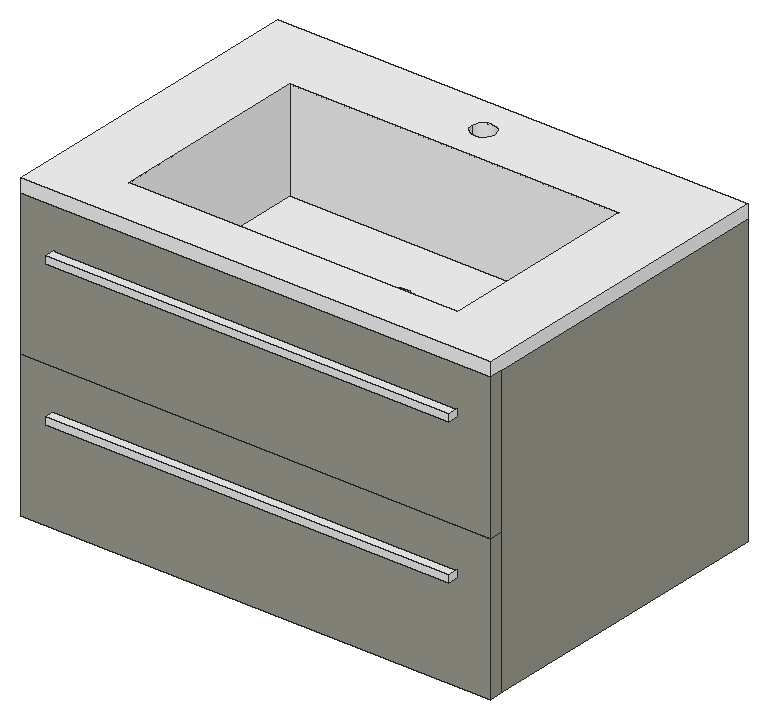
Revit family "MUEBLE SENSE 700 BRUSHED GREY", category Generic Models, Revit 2019
Family settings
  Can host rebar = No
  Round Connector Dimension = Use Diameter
  Part Type = Normal
  Work Plane-Based = No
  Always vertical = Yes
  Cut with Voids When Loaded = No
  Shared = No
  Room Calculation Point = No
Parameters (values of type "ORANS Mueble Orlando Fume (MFC 034) 060,5cm ancho")
  URL = ""
  Profundidad receptáculo = 150 mm
  Prof lavamanos = 300 mm
  Prof borde cub trasero = 110 mm
  Model = ""
  Material tirador = Acero semi pulido
  Material frentes = BLANCO
  Material cubierta = Loza blanco brillo
  Material costados = BLANCO
  Manufacturer = ""
  Largo = 800 mm
  Largo receptáculo = if(Largo = 605 mm, 426 mm, 460 mm)  # 460 mm
  Description = ""
  Ancho tirador = 600 mm
  Ancho borde cub = 155 mm
  Ancho = 480 mm
  Amcho borde cub [instance] = 70 mm
  Alto [instance] = 450 mm
  ANCHO BORDE CUB [instance] = 70 mm
Types (12, lengths in mm): name | Prof lavamanos | Prof borde cub trasero | Material frentes | Material costados | Largo | Largo receptáculo | Ancho tirador | Ancho borde cub | Ancho | Alto
  ORANS Mueble Orlando Fume (MFC 034) 060,5cm ancho | 300 | 110 | BLANCO | BLANCO | 800 | 460 | 600 | 155 | 480 | 450
  ORANS Mueble Orlando Fume (MFC 034) 070,5cm ancho | 275 | 115 | Fume (MFC 034) horizontal | Fume (MFC 034) vertical | 705 | 460 | 250 | 70 | 465 | 570
  ORANS Mueble Orlando Fume (MFC 034) 080,5cm ancho | 275 | 115 | Fume (MFC 034) horizontal | Fume (MFC 034) vertical | 805 | 460 | 250 | 70 | 465 | 570
  ORANS Mueble Orlando Fume (MFC 034) 100,5cm ancho | 275 | 115 | Fume (MFC 034) horizontal | Fume (MFC 034) vertical | 1050 | 460 | 250 | 70 | 465 | 570
  ORANS Mueble Orlando Haya Light (MFC 030) 060,5cm ancho | 275 | 115 | Haya Light (MFC 030) horizontal | Haya Light (MFC 030) vertical | 605 | 426 | 250 | 70 | 465 | 570
  ORANS Mueble Orlando Haya Light (MFC 030) 070,5cm ancho | 275 | 115 | Haya Light (MFC 030) horizontal | Haya Light (MFC 030) vertical | 705 | 460 | 250 | 70 | 465 | 570
  ORANS Mueble Orlando Haya Light (MFC 030) 080,5cm ancho | 275 | 115 | Haya Light (MFC 030) horizontal | Haya Light (MFC 030) vertical | 805 | 460 | 250 | 70 | 465 | 570
  ORANS Mueble Orlando Haya Light (MFC 030) 100,5cm ancho | 275 | 115 | Haya Light (MFC 030) horizontal | Haya Light (MFC 030) vertical | 1050 | 460 | 250 | 70 | 465 | 570
  ORANS Mueble Orlando Oak 1 (MFC 005) 060,5cm ancho | 275 | 115 | Oak1 (MFC 005) horizontal | Oak1 (MFC 005) vertical | 605 | 426 | 250 | 70 | 465 | 570
  ORANS Mueble Orlando Oak 1 (MFC 005) 070,5cm ancho | 275 | 115 | Oak1 (MFC 005) horizontal | Oak1 (MFC 005) vertical | 705 | 460 | 250 | 70 | 465 | 570
  ORANS Mueble Orlando Oak 1 (MFC 005) 080,5cm ancho | 275 | 115 | Oak1 (MFC 005) horizontal | Oak1 (MFC 005) vertical | 805 | 460 | 250 | 70 | 465 | 570
  ORANS Mueble Orlando Oak 1 (MFC 005) 100,5cm ancho | 275 | 115 | Oak1 (MFC 005) horizontal | Oak1 (MFC 005) vertical | 1050 | 460 | 250 | 70 | 465 | 570
Reference planes
  plane 1 "Center (Front/Back)": y = 0
  plane 2: z = 0
  plane 3 "Center (Left/Right)": x = 0
  plane 4: z = 430
  plane 5: z = 450
  plane 6: z = 215
Forms (mm)
  Extrusion 1, solid, material "Loza blanco brillo" <- "Material cubierta"
    sketch origin (0, 0, 0) x (1, 0, 0) y (0, 1, 0)
      loop
        line (-350, -480) -> (350, -480) -> (350, 0) -> (-350, 0) -> (-350, -480)
      loop
        line (-245, -110) -> (-245, -410) -> (245, -410) -> (245, -110) -> (-245, -110)
      loop
        circle (0, -55) r 17.5
    from 430 to 450
  Extrusion 2, solid, material "Loza blanco brillo" <- "Material cubierta"
    sketch origin (0, 0, 0) x (1, 0, 0) y (0, 1, 0)
      loop
        line (-255, -100) -> (-255, -420) -> (255, -420) -> (255, -100) -> (-255, -100)
      loop
        circle (0, -220) r 22.5
    from 290 to 430
  Extrusion 3, void
    sketch origin (0, 0, 0) x (1, 0, 0) y (0, 1, 0)
      loop
        line (-245, -110) -> (-245, -410) -> (245, -410) -> (245, -110) -> (-245, -110)
    from 300 to 430
  Extrusion 4, solid, material "BLANCO" <- "Material costados"
    sketch origin (0, 0, 0) x (1, 0, 0) y (0, 1, 0)
      loop
        line (-350, 0) -> (-350, -460) -> (-329.738, -460) -> (-329.738, 0) -> (-350, 0)
    from 0 to 430
  Extrusion 5, solid, material "BLANCO" <- "Material costados"
    sketch origin (590, 0, 0) x (1, 0, 0) y (0, 1, 0)
      loop
        line (-255, 0) -> (-255, -460) -> (-240, -460) -> (-240, 0) -> (-255, 0)
    from 0 to 430
  Extrusion 6, solid, material "BLANCO" <- "Material frentes"
    sketch origin (0, 0, 0) x (1, 0, 0) y (0, 0, 1)
      loop
        line (-350, 430) -> (-350, 215) -> (350, 215) -> (350, 430) -> (-350, 430)
    from 460 to 480
  Extrusion 7, solid, material "BLANCO" <- "Material frentes"
    sketch origin (0, 0, -200) x (1, 0, 0) y (0, 0, 1)
      loop
        line (-350, 415) -> (-350, 200) -> (350, 200) -> (350, 415) -> (-350, 415)
    from 460 to 480
  Extrusion 8, solid, material "Loza blanco brillo" <- "Material cubierta"
    sketch origin (0, 0, 0) x (1, 0, 0) y (0, 0, 1)
      loop
        line (-329.738, 300) -> (-329.738, 185) -> (335, 185) -> (335, 300) -> (-329.738, 300)
    from 450 to 460
  Extrusion 9, solid, material "Acero semi pulido"
    sketch origin (0, 0, 0) x (1, 0, 0) y (0, 0, 1)
      loop
        line (-300, 370) -> (-300, 360) -> (300, 360) -> (300, 370) -> (-300, 370)
    from 480 to 495.24
  Extrusion 10, solid, material "Acero semi pulido"
    sketch origin (0, 0, -215) x (1, 0, 0) y (0, 0, 1)
      loop
        line (-300, 370) -> (-300, 360) -> (300, 360) -> (300, 370) -> (-300, 370)
    from 480 to 495.24
  Extrusion 11, solid
    sketch origin (0, 0, 0) x (0, 1, 0) y (0, 0, 1)
      loop
        line (0, 430) -> (-20, 430) -> (-20, 20) -> (-460, 20) -> (-460, 0) -> (0, 0) -> (0, 430)
    from -329.738 to 335
Cuts and joins
  Extrusion 3 cuts Extrusion 2
  joined: Extrusion 1, Extrusion 2
Dimensions and locks
  locked: plane 5 to plane 4 at 20
  plane 5 to plane 4 = 20 mm
  "Alto": plane 5 to level
  locked: cut or joined group of Extrusion 1, Extrusion 2, Extrusion 3 to cut or joined group of Extrusion 1, Extrusion 2, Extrusion 3 at 140
  locked: cut or joined group of Extrusion 1, Extrusion 2, Extrusion 3 to cut or joined group of Extrusion 1, Extrusion 2, Extrusion 3 at 130
  equal spacing: plane 4, plane 6, level
  aligned and locked: Extrusion 1 sketch curve to plane 1 "Center (Front/Back)"
  aligned and locked: plane 5 to Extrusion 1
  aligned and locked: Extrusion 1 to plane 4
  aligned and locked: plane 4 to Extrusion 3
  aligned and locked: plane 3 "Center (Left/Right)" to Extrusion 1 sketch curve
  aligned and locked: plane 3 "Center (Left/Right)" to Extrusion 2 sketch curve
  aligned and locked: cut or joined group of Extrusion 1, Extrusion 2, Extrusion 3 to plane 1 "Center (Front/Back)"
  aligned and locked: cut or joined group of Extrusion 1, Extrusion 2, Extrusion 3 to plane 4
  aligned and locked: plane 4 to Extrusion 4
  aligned and locked: Extrusion 4 to plane 1 "Center (Front/Back)"
  aligned and locked: plane 4 to Extrusion 5
  aligned and locked: Extrusion 5 to level
  aligned and locked: Extrusion 5 to plane 4  (x2)
  aligned and locked: level to Extrusion 5  (x2)
  aligned and locked: Extrusion 4 to level
  aligned and locked: Extrusion 4 to plane 4  (x2)
  aligned and locked: plane 5 to cut or joined group of Extrusion 1, Extrusion 2, Extrusion 3
  aligned and locked: cut or joined group of Extrusion 1, Extrusion 2, Extrusion 3 to plane 5  (x2)
  aligned and locked: plane 4 to cut or joined group of Extrusion 1, Extrusion 2, Extrusion 3  (x2)
  aligned and locked: level to Extrusion 4
  aligned and locked: plane 6 to Extrusion 7
  aligned and locked: Extrusion 6 to plane 6
Automatic sketch dimensions
  plane 1 "Center (Front/Back)" to Extrusion 4 sketch curve = 0 mm
  plane 1 "Center (Front/Back)" to Extrusion 5 sketch curve = 0 mm
  Extrusion 6 sketch curve to plane 4 = 0 mm
  Extrusion 6 sketch curve to plane 6 = 0 mm
  Extrusion 7 sketch curve to level = 0 mm
  Extrusion 7 sketch curve to plane 6 = 0 mm
  Extrusion 8 sketch curve to plane 6 = 30 mm
  plane 6 to Extrusion 8 sketch curve = 85 mm
  Extrusion 9 sketch curve to plane 4 = 70 mm
  Extrusion 9 sketch curve to Extrusion 9 sketch curve = 10 mm
  Extrusion 10 sketch curve to plane 6 = 70 mm
  Extrusion 10 sketch curve to Extrusion 10 sketch curve = 10 mm
  Extrusion 1 sketch curve to plane 3 "Center (Left/Right)" = 245 mm
  Extrusion 1 sketch curve to Extrusion 1 sketch curve = 105 mm  (x2)
  plane 3 "Center (Left/Right)" to Extrusion 1 sketch curve = 245 mm
  Extrusion 2 sketch curve to plane 3 "Center (Left/Right)" = 255 mm
  plane 3 "Center (Left/Right)" to Extrusion 2 sketch curve = 255 mm
  Extrusion 3 sketch curve to plane 3 "Center (Left/Right)" = 245 mm
  plane 3 "Center (Left/Right)" to Extrusion 3 sketch curve = 245 mm
  Extrusion 4 sketch curve to plane 3 "Center (Left/Right)" = 350 mm
  Extrusion 4 sketch curve to Extrusion 4 sketch curve = 20.262 mm
  plane 3 "Center (Left/Right)" to Extrusion 5 sketch curve = 335 mm
  Extrusion 5 sketch curve to Extrusion 5 sketch curve = 15 mm
  Extrusion 6 sketch curve to plane 3 "Center (Left/Right)" = 350 mm
  plane 3 "Center (Left/Right)" to Extrusion 6 sketch curve = 350 mm
  Extrusion 7 sketch curve to plane 3 "Center (Left/Right)" = 350 mm
  plane 3 "Center (Left/Right)" to Extrusion 7 sketch curve = 350 mm
  Extrusion 8 sketch curve to plane 3 "Center (Left/Right)" = 329.738 mm
  plane 3 "Center (Left/Right)" to Extrusion 8 sketch curve = 335 mm
  Extrusion 9 sketch curve to plane 3 "Center (Left/Right)" = 300 mm
  plane 3 "Center (Left/Right)" to Extrusion 9 sketch curve = 300 mm
  Extrusion 10 sketch curve to plane 3 "Center (Left/Right)" = 300 mm
  plane 3 "Center (Left/Right)" to Extrusion 10 sketch curve = 300 mm
  plane 1 "Center (Front/Back)" to Extrusion 1 sketch curve = 55 mm
  plane 1 "Center (Front/Back)" to Extrusion 1 sketch curve = 110 mm
  Extrusion 1 sketch curve to Extrusion 1 sketch curve = 300 mm
  Extrusion 1 sketch curve to Extrusion 1 sketch curve = 70 mm
  plane 1 "Center (Front/Back)" to Extrusion 2 sketch curve = 420 mm
  plane 1 "Center (Front/Back)" to Extrusion 2 sketch curve = 220 mm
  plane 1 "Center (Front/Back)" to Extrusion 2 sketch curve = 100 mm
  plane 1 "Center (Front/Back)" to Extrusion 3 sketch curve = 410 mm
  plane 1 "Center (Front/Back)" to Extrusion 3 sketch curve = 110 mm
  plane 1 "Center (Front/Back)" to Extrusion 4 sketch curve = 460 mm
  plane 1 "Center (Front/Back)" to Extrusion 5 sketch curve = 460 mm
  Extrusion 11 sketch curve to level = 0 mm
  Extrusion 11 sketch curve to plane 4 = 0 mm
  Extrusion 11 sketch curve to plane 1 "Center (Front/Back)" = 0 mm
  plane 1 "Center (Front/Back)" to Extrusion 11 sketch curve = 20 mm
  Extrusion 11 sketch curve to Extrusion 11 sketch curve = 440 mm
  level to Extrusion 11 sketch curve = 20 mm
  radius of Extrusion 1 sketch curve = 17.5 mm
  radius of Extrusion 2 sketch curve = 22.5 mm
